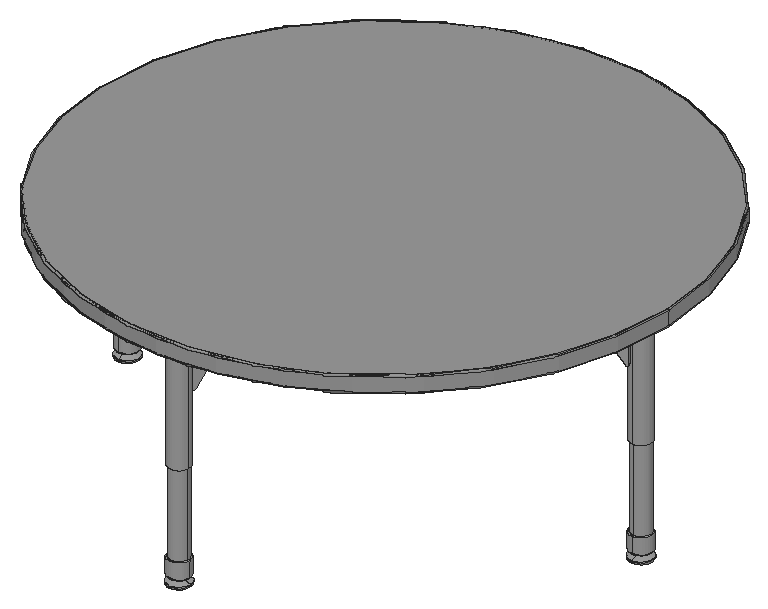
Revit family "Hierarchy Activity 42in Round Table - Youth Height", category Furniture, Revit 2018
Family settings
  Work Plane-Based = No
  Always vertical = Yes
  Cut with Voids When Loaded = No
  Shared = No
  Room Calculation Point = No
Parameters
  Table Height = 1' - 4"
  Surface = Hierarchy Activity 42" Round Table Youth Surface
  Leg Finish = Hierarchy Leg Platinum
  Edgeband = Hierarchy Activity 42" Round Table Youth Edgeband
  Caster/Glide = Hierarchy Youth Leg - Glide : Hierarchy Youth Leg - Glide
Reference planes (in)
  plane 1 "Center (Front/Back)": y = 0
  plane 2: z = 0
  plane 3 "Center (Left/Right)": x = 0
  plane 4: z = 16
Dimensions and locks (in)
  "Table Height": plane 4 to level
  aligned and locked: plane 2 to level
  aligned and locked: nested 1 to plane 4
Nested families (in)
  nested 1: "Activity 42 Round Tabletop" at (0, 0, -7.925), type "Activity 42 Round Tabletop"
  nested 2: "Hierarchy Youth Leg - Glide" at (0, 19, 0), Leg Height <- "Table Height", type <- "Caster/Glide", Leg Finish <- "Leg Finish", type "Hierarchy Youth Leg - Glide"
    with Leg Height 1' - 4", Leg Finish Hierarchy Leg Platinum
  nested 3: "Hierarchy Youth Leg - Glide" at (-19, 0, 0) x (0, 1, 0) z (0, 0, 1), type <- "Caster/Glide", Leg Finish <- "Leg Finish", Leg Height <- "Table Height", type "Hierarchy Youth Leg - Glide"
    with Leg Height 1' - 4", Leg Finish Hierarchy Leg Platinum
  nested 4: "Hierarchy Youth Leg - Glide" at (0, -19, 0) x (-1, 0, 0) z (0, 0, 1), Leg Finish <- "Leg Finish", Leg Height <- "Table Height", type "Hierarchy Youth Leg - Glide"
    with Leg Height 1' - 4", Leg Finish Hierarchy Leg Platinum
  nested 5: "Hierarchy Youth Leg - Glide" at (19, 0, 0) x (0, -1, 0) z (0, 0, 1), Leg Finish <- "Leg Finish", Leg Height <- "Table Height", type "Hierarchy Youth Leg - Glide"
    with Leg Height 1' - 4", Leg Finish Hierarchy Leg Platinum
Definition of nested family "Activity 42 Round Tabletop"
  Parameters (values of type "Activity 42 Round Tabletop")
    Surface = none
    Edgeband = none
  Reference planes (in)
    plane 1 "Center (Front/Back)": y = 0
    plane 2: z = 0
    plane 3 "Center (Left/Right)": x = 0
  Forms (in)
    Extrusion 1, solid, material <- "Surface"
      sketch origin (0, 0, 0) x (1, 0, 0) y (0, 1, 0)
        loop
          circle (0, 0) r 20.96393
      from 23.925 to 25.125
    Sweep 2, solid, material <- "Edgeband"
      path origin (0, 0, 0) x (1, 0, 0) y (0, 1, 0)
        loop
          circle (0, 0) r 20.94858
      profile origin (0, -20.94858, 0) x (0, 1, 0) y (0, 0, 1)
        loop
          arc (-0.01535, 25.125) -> (-0.08606, 25.09571) -> (-0.11535, 25.025) r 0.1
          line (-0.11535, 25.025) -> (-0.11535, 24.025)
          arc (-0.11535, 24.025) -> (-0.08606, 23.95429) -> (-0.01535, 23.925) r 0.1
          line (-0.01535, 23.925) -> (-0.01535, 25.125)
  Dimensions and locks (in)
    aligned and locked: plane 2 to level
Definition of nested family "Hierarchy Youth Leg - Glide"
  Parameters (values of type "Hierarchy Youth Leg - Glide")
    Leg Finish [instance] = none
    Leg Height [instance] = 1' - 4.80117"
  Reference planes (in)
    plane 1 "Center (Front/Back)": y = 0
    plane 2: z = 0
    plane 3 "Center (Left/Right)": x = 0
  Forms (in)
    Extrusion 1, solid
      sketch origin (-0.01562, 0, 0) x (1, 0, 0) y (0, 1, 0)
        loop
          circle (0.01563, 0) r 0.67016
      from 0.67618 to 10.55018
    Revolve 2, solid
      sketch origin (0, 0, 0) x (1, 0, 0) y (0, 0, 1)
        loop
          line (-0.73189, 1.80118) -> (-0.79439, 1.73867) -> (-0.79439, 0.61381) -> (-0.73176, 0.55118) -> (-0.125, 0.55118) -> (-0.125, 0.42618) -> (-0.84656, 0.16241) -> (-0.84656, 0.08994) -> (-0.81359, 0) -> (0, 0) -> (0, 1.80118) -> (-0.73189, 1.80118)
        axis (0, 1.80118) -> (0, 0)
      angle from 0 to 360
  Dimensions and locks (in)
    "Leg Height": nested 1 to level  (x2)
    aligned and locked: plane 2 to level
  Automatic sketch dimensions
    plane 1 "Center (Front/Back)" to Extrusion 1 sketch curve = 0' - 0"
    Extrusion 1 sketch curve to plane 3 "Center (Left/Right)" = 0' - 0"
    Revolve 2 sketch curve to level = 0' - 0"
    Revolve 2 sketch curve to plane 3 "Center (Left/Right)" = 0' - 0"  (x2)
    Revolve 2 sketch curve to plane 3 "Center (Left/Right)" = 0' - 0 1/8"
    Revolve 2 sketch curve to Revolve 2 sketch curve = 0' - 0.60676"
    Revolve 2 sketch curve to Revolve 2 sketch curve = 0' - 0.73189"
    Revolve 2 sketch curve to Revolve 2 sketch curve = 0' - 0.06263"  (x2)
    Revolve 2 sketch curve to Revolve 2 sketch curve = 0' - 0.08183"
    Revolve 2 sketch curve to Revolve 2 sketch curve = 0' - 0.03297"
    level to Revolve 2 sketch curve = 0' - 0.08994"
    Revolve 2 sketch curve to Revolve 2 sketch curve = 0' - 0.07247"
    level to Revolve 2 sketch curve = 0' - 0.42618"
    Revolve 2 sketch curve to Revolve 2 sketch curve = 0' - 0 1/8"
    Revolve 2 sketch curve to Revolve 2 sketch curve = 0' - 1.12486"
    Revolve 2 sketch curve to Revolve 2 sketch curve = 0' - 0 1/16"
    Revolve 2 sketch curve to level = 2' - 0"
    Revolve 2 sketch curve to Revolve 2 sketch curve = 8' - 4.91764"
    radius of Extrusion 1 sketch curve = 0' - 0.67016"
  Nested families (in)
    nested 1: "Hierarchy Youth Upper Leg 2023" at (0, 0, 0), Leg Finish <- "Leg Finish", type "Hierarchy Youth Upper Leg 2023"
      with Leg Finish none
  Definition of nested family "Hierarchy Youth Upper Leg 2023"
    Parameters (values of type "Hierarchy Youth Upper Leg 2023")
      Leg Finish [instance] = none
    Reference planes (in)
      plane 1 "Center (Front/Back)": y = 0
      plane 2: z = 0
      plane 3 "Center (Left/Right)": x = 0
    Forms (in)
      Extrusion 1, solid, material <- "Leg Finish"
        sketch origin (0, 0, -11.001) x (1, 0, 0) y (0, 1, 0)
          loop
            circle (0, 0) r 0.75
        from 19.67618 to 27.67618
      Extrusion 2, solid, material <- "Leg Finish"
        sketch origin (0, 0, -11.001) x (1, 0, 0) y (0, 1, 0)
          loop
            line (-1.70174, 0.19183) -> (-2.88626, -2.26116)
            arc (-2.88626, -2.26116) -> (-2.83993, -3.09822) -> (-2.1063, -3.50394) r 0.86614
            line (-2.1063, -3.50394) -> (2.1063, -3.50394)
            arc (2.1063, -3.50394) -> (2.83993, -3.09822) -> (2.88626, -2.26116) r 0.86614
            line (2.88626, -2.26116) -> (1.70174, 0.19183)
            arc (1.70174, 0.19183) -> (0, 1.25984) -> (-1.70174, 0.19183) r 1.88976
        from 27.67618 to 27.80217
      Extrusion 3, solid, material <- "Leg Finish"
        sketch origin (-1.48519, 8.66524, -11.001) x (-0.434844, 0.900506, 0) y (0, 0, 1)
          loop
            line (-9.01425, 27.67618) -> (-11.80952, 27.67618)
            arc (-11.80952, 27.67618) -> (-11.92325, 27.58993) -> (-11.87088, 27.45715) r 0.11811
            arc (-11.87088, 27.45715) -> (-10.39364, 26.29679) -> (-9.23328, 24.81955) r 7.87402
            arc (-9.23328, 24.81955) -> (-9.1005, 24.76717) -> (-9.01425, 24.88091) r 0.11811
            line (-9.01425, 24.88091) -> (-9.01425, 27.67618)
        from -1.94075 to -1.81476
      Extrusion 4, solid, material <- "Leg Finish"
        sketch origin (1.48519, 8.66524, -11.001) x (0.434844, 0.900506, 0) y (0, 0, -1)
          loop
            line (-9.01425, -27.67618) -> (-9.01425, -24.88091)
            arc (-9.01425, -24.88091) -> (-9.1005, -24.76717) -> (-9.23328, -24.81955) r 0.11811
            arc (-9.23328, -24.81955) -> (-10.39364, -26.29679) -> (-11.87088, -27.45715) r 7.87402
            arc (-11.87088, -27.45715) -> (-11.92325, -27.58993) -> (-11.80952, -27.67618) r 0.11811
            line (-11.80952, -27.67618) -> (-9.01425, -27.67618)
        from -1.94075 to -1.81476
    Dimensions and locks (in)
      aligned and locked: plane 2 to level
